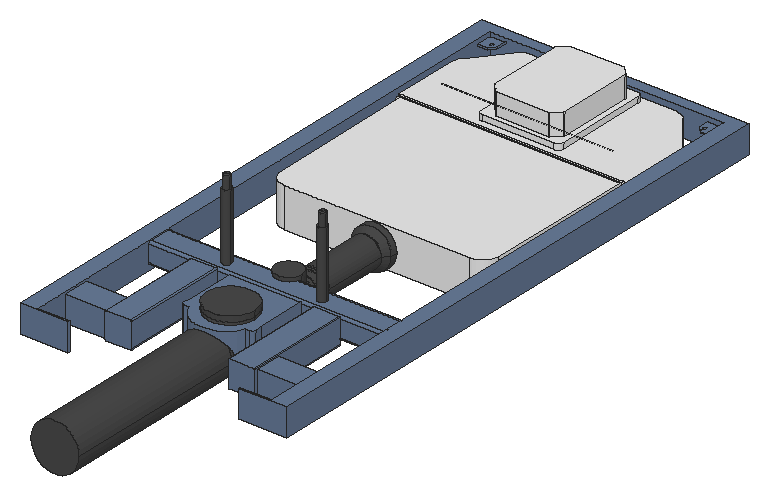
Revit family "Grohe_PlumbingFixture_UnisetElement_WC_39688000", category Plumbing Fixtures, host Face, Revit 2018
Family settings
  Host = Face
  Round Connector Dimension = Use Diameter
  Part Type = Normal
  OmniClass Number = 23.65.00.00
  OmniClass Title = Supply and Distribution of Liquids and Gases
  Cut with Voids When Loaded = No
  Shared = No
  Room Calculation Point = No
Parameters (values of type "39688000")
  _ObjectUserGuide = ""
  _DistributedBy = "www.bimstore.co"
  _CurrentRevision = 1
  _CreatedBy = "www.bimstore.co"
  _BimSpecGuid = 0
  _BSBibleVersion = 16
  _AuthorizedBy = "bimstore"
  _Author = "JY"
  WarrantyStartDate [instance] = "Please Record on Commissioning."
  WarrantyGuarantorParts = "info-uk@grohe.com"
  WarrantyGuarantorLabor = "info-uk@grohe.com"
  WarrantyDurationUnit = "Years"
  WarrantyDurationParts = "0"
  WarrantyDurationLabor = "0"
  WarrantyDescription = "n/a"
  URL = "https://www.grohe.us/Wall-Carrier-Flush-Valves/Slim-2-x-4-In-Wall-Carrier-and-Tank-For-Toilet/GROHE-NO-FINISH-39688000"
  TypeName = "39688000"
  Type Comments = "39688000"
  SpareParts = "n/a"
  Size = "n/a"
  Shape = "n/a"
  SerialNumber [instance] = "Please Record on Commissioning."
  ReplacementCost = "0"
  ReferencedStandard = "n/a"
  ProductionYear = "2021"
  NominalLength = 0 mm
  NominalHeight = 0 mm
  NominalDepth = 0 mm
  NBSReference = "45-35-70/383"
  NBSOfficeMasterTag = "n/a"
  NBSObjectName = "Grohe - WC cisterns"
  NBSNote = "n/a"
  NBSDescription = "WC cisterns"
  ModelReference = ""
  ModelNumber = "39688000"
  Model = ""
  Material = "n/a"
  ManufacturerName = "Grohe"
  Manufacturer = "Grohe"
  Keynote = "N13"
  InstallationDate [instance] = "Please Record on Commissioning."
  IfcExportType = "CISTERN"
  IfcExportAs = "IfcSanitaryTerminalType"
  Grade = "n/a"
  Finish = "n/a"
  Features = "n/a"
  ExpectedLife = 0
  DurationUnit = "Years"
  DocumentationTechnical = ""
  DocumentationMaintenance = ""
  DocumentationLiterature = ""
  DocumentationInstallationGuide = ""
  DocumentationCertificates = ""
  Description = "Slim tank fits standard 2” x 4” stud walls. Dual flush – 0.8gpf and 1.6gpf (3L and 6L). Low noise operation – meets strict European\r\nnoise (DIN) standards. No tools required for the installation of the\r\ninspection shaft including protection during\r\nconstruction phase, for vertical use. Self-supporting, pre-assembled powder coated steel frame with quick and lockable adjustments. ADA Compliant, bowl rim height adjustment from 15” to 19”. Pneumatic discharge valve offering 3 modes of operation: dual flush, start/stop or single flush. Tank insulated to prevent condensation. 2 fixing bolts included, 7- 9in (180-230mm) mounting screw distance ½” water supply connection from top, integrated angle valve. Actuation plate sold separately. TÜV approved for load capacity 44” (1.13m) installation height. CALGreen compliant. WaterSense® compliant when paired with listed WaterSense® high efficiency compatible"
  Default Elevation = 0 mm
  CreatedOn = "2021-03-15T:09:00:00"
  CreatedBy = "info-uk@grohe.com"
  Cost = 0
  Constituents = "n/a"
  Color = "n/a"
  CodePerformance = "n/a"
  ClassificationValue = "Pr_40_20_93_89"
  ClassificationName = "Uniclass2015"
  BarCode [instance] = "Please Record on Commissioning."
  BIMObjectName = "Grohe_PlumbingFixture_UnisetElement_WC_39688000"
  AssetType = "Fixed"
  AssetIdentifier [instance] = "n/a"
  Assembly Code = "C1030110"
  AccessibilityPerformance = "n/a"
Reference planes
  plane 1 "Center (Front/Back)": y = 0
  plane 2: z = 0
  plane 3 "Center (Left/Right)": x = 0
Forms (mm)
  Extrusion 1, solid, material "Aluminum"
    sketch origin (0, 0, 0) x (1, 0, 0) y (0, 1, 0)
      loop
        line (-250, 557.533) -> (-250, -527.467) -> (-160, -527.467) -> (-160, -524.467) -> (-220, -524.467) -> (-220, 537.529) -> (220, 537.529) -> (220, -524.467) -> (160, -524.467) -> (160, -527.467) -> (250, -527.467) -> (250, 557.533) -> (-250, 557.533)
    from 0 to 51.6
  Extrusion 2, solid, material "Aluminum"
    sketch origin (0, 0, 0) x (0, 1, 0) y (0, 0, 1)
      loop
        arc (-264.467, 14.6) -> (-263.149, 11.418) -> (-259.967, 10.1) r 4.5
        line (-259.967, 10.1) -> (-218.967, 10.1)
        arc (-218.967, 10.1) -> (-215.785, 11.418) -> (-214.467, 14.6) r 4.5
        line (-214.467, 14.6) -> (-214.467, 45.6)
        arc (-214.467, 45.6) -> (-215.785, 48.782) -> (-218.967, 50.1) r 4.5
        line (-218.967, 50.1) -> (-259.953, 50.1)
        arc (-259.953, 50.1) -> (-263.145, 48.778) -> (-264.467, 45.586) r 4.514
        line (-264.467, 45.586) -> (-264.467, 14.6)
    from -220 to 220
  Extrusion 3, solid, material "UHMW, White"
    sketch origin (0, 0, 0) x (1, 0, 0) y (0, 1, 0)
      loop
        line (-158.559, 518.798) -> (-207.784, 456.358)
        arc (-207.784, 456.358) -> (-211.771, 449.071) -> (-213.151, 440.88) r 25
        line (-213.151, 440.88) -> (-213.151, 316.433) -> (-207.21, 316.433) -> (-204.231, 27.915)
        arc (-204.231, 27.915) -> (-195.336, 6.902) -> (-174.232, -1.775) r 30
        line (-174.232, -1.775) -> (174.232, -1.775)
        arc (174.232, -1.775) -> (195.334, 6.901) -> (204.231, 27.91) r 30
        line (204.231, 27.91) -> (207.251, 316.33) -> (213.25, 316.33) -> (213.25, 438.6)
        arc (213.25, 438.6) -> (211.527, 448.827) -> (206.548, 457.925) r 31.215
        line (206.548, 457.925) -> (158.67, 518.657)
        arc (158.67, 518.657) -> (148.074, 527.18) -> (134.82, 530.225) r 30.37
        line (134.82, 530.225) -> (-68.806, 530.225)
        arc (-68.806, 530.225) -> (-70.433, 530.023) -> (-71.961, 529.43) r 6.657
        line (-71.961, 529.43) -> (-74.355, 528.141)
        arc (-74.355, 528.141) -> (-75.962, 527.518) -> (-77.672, 527.306) r 7
        line (-77.672, 527.306) -> (-122.304, 527.306)
        arc (-122.304, 527.306) -> (-123.482, 527.446) -> (-124.594, 527.861) r 5
        line (-124.594, 527.861) -> (-126.594, 528.892)
        arc (-126.594, 528.892) -> (-129.263, 529.887) -> (-132.091, 530.225) r 12
        line (-132.091, 530.225) -> (-135, 530.225)
        arc (-135, 530.225) -> (-148.092, 527.217) -> (-158.559, 518.798) r 30
    from -28.681 to 45.323
  Extrusion 4, solid, material "Aluminum"
    sketch origin (0, 0, 0) x (1, 0, 0) y (0, 1, 0)
      loop
        line (-190, 537.533) -> (-212, 537.533) -> (-220, 529.533) -> (-220, 507.533) -> (-200, 507.533) -> (-190, 517.533) -> (-190, 537.533)
      loop
        circle (-200, 517.493) r 3.2
    from 41.244 to 44.192
  Extrusion 5, solid, material "Aluminum"
    sketch origin (0, 0, 0) x (-1, 0, 0) y (0, -1, 0)
      loop
        line (-190, -537.533) -> (-190, -517.533) -> (-200, -507.533) -> (-220, -507.533) -> (-220, -529.533) -> (-212, -537.533) -> (-190, -537.533)
      loop
        circle (-200, -517.493) r 3.2
    from 41.21 to 44.105
  Extrusion 6, solid, material "UHMW, White"
    sketch origin (0, 0, 0) x (1, 0, 0) y (0, 0, 1)
      loop
        line (216.25, 0) -> (216.25, 34.25)
        arc (216.25, 34.25) -> (212.677, 42.877) -> (204.05, 46.45) r 12.2
        line (204.05, 46.45) -> (-204.227, 46.45)
        arc (-204.227, 46.45) -> (-212.87, 42.87) -> (-216.45, 34.227) r 12.223
        line (-216.45, 34.227) -> (-216.45, 0) -> (216.25, 0)
    from -316.433 to -311.451
  Revolve 7, solid, material "UHMW, Black"
    sketch origin (0, 0, 6.259) x (1, 0, 0) y (0, 1, 0)
      loop
        line (-25, -158.38) -> (-25, -172.479) -> (0, -172.479) -> (0, -3.775) -> (-38, -3.775) -> (-37.598, -15.904) -> (-28.035, -26.462)
        arc (-28.035, -26.462) -> (-27.196, -27.07) -> (-26.182, -27.284) r 2.5
        line (-26.182, -27.284) -> (-24.5, -27.284) -> (-24.5, -28.967) -> (-28.5, -28.967) -> (-28.5, -150.029)
        arc (-28.5, -150.029) -> (-28.277, -151.722) -> (-27.624, -153.299) r 6.54
        line (-27.624, -153.299) -> (-25.268, -157.38)
        arc (-25.268, -157.38) -> (-25.068, -157.862) -> (-25, -158.38) r 2
      axis (0, -3.775) -> (0, -172.479)
    angle from 0 to 360
  Sweep 8, solid, material "UHMW, Black"
    path origin (0, 0, 0) x (0, 1, 0) y (0, 0, 1)
      loop
        line (-209.303, 56.25) -> (-209.303, 33.384)
        arc (-209.303, 33.384) -> (-201.102, 13.585) -> (-181.303, 5.384) r 28
        line (-181.303, 5.384) -> (-158.38, 5.384)
    profile origin (0, -209.303, 44.817) x (1, 0, 0) y (0, 1, 0)
      loop
        circle (0, 0) r 25
  Extrusion 9, solid, material "Aluminum"
    sketch origin (0, 0, 0) x (1, 0, 0) y (0, 0, 1)
      loop
        arc (-92.75, 0.1) -> (-91.336, 0.686) -> (-90.75, 2.1) r 2
        line (-90.75, 2.1) -> (-90.75, 48.1)
        arc (-90.75, 48.1) -> (-91.336, 49.514) -> (-92.75, 50.1) r 2
        line (-92.75, 50.1) -> (-138.75, 50.1)
        arc (-138.75, 50.1) -> (-140.164, 49.514) -> (-140.75, 48.1) r 2
        line (-140.75, 48.1) -> (-140.75, 2.1)
        arc (-140.75, 2.1) -> (-140.164, 0.686) -> (-138.75, 0.1) r 2
        line (-138.75, 0.1) -> (-92.75, 0.1)
    from 264.467 to 464.532
  Extrusion 10, solid, material "Aluminum"
    sketch origin (0, 0, 0) x (-1, 0, 0) y (0, 0, -1)
      loop
        line (-92.75, -0.1) -> (-138.75, -0.1)
        arc (-138.75, -0.1) -> (-140.164, -0.686) -> (-140.75, -2.1) r 2
        line (-140.75, -2.1) -> (-140.75, -48.1)
        arc (-140.75, -48.1) -> (-140.164, -49.514) -> (-138.75, -50.1) r 2
        line (-138.75, -50.1) -> (-92.75, -50.1)
        arc (-92.75, -50.1) -> (-91.336, -49.514) -> (-90.75, -48.1) r 2
        line (-90.75, -48.1) -> (-90.75, -2.1)
        arc (-90.75, -2.1) -> (-91.336, -0.686) -> (-92.75, -0.1) r 2
    from 264.467 to 464.532
  Extrusion 11, solid, material "Aluminum"
    sketch origin (0, 0, 0) x (1, 0, 0) y (0, 1, 0)
      loop
        line (-220, -411.467) -> (-220, -461.467) -> (-140.75, -461.467) -> (-140.75, -411.467) -> (-220, -411.467)
    from 0 to 48.28
  Extrusion 12, solid, material "Aluminum"
    sketch origin (0, 0, 0) x (-1, 0, 0) y (0, -1, 0)
      loop
        line (-220, 411.467) -> (-140.75, 411.467) -> (-140.75, 461.467) -> (-220, 461.467) -> (-220, 411.467)
    from 0 to 48.28
  Extrusion 13, solid, material "UHMW, White"
    sketch origin (0, 0, 0) x (1, 0, 0) y (0, 1, 0)
      loop
        arc (-77.683, 339.935) -> (-74.754, 332.864) -> (-67.683, 329.935) r 10
        line (-67.683, 329.935) -> (67.058, 329.935)
        arc (67.058, 329.935) -> (74.129, 332.864) -> (77.058, 339.935) r 10
        line (77.058, 339.935) -> (77.058, 515.114)
        arc (77.058, 515.114) -> (74.129, 522.185) -> (67.058, 525.114) r 10
        line (67.058, 525.114) -> (-67.683, 525.114)
        arc (-67.683, 525.114) -> (-74.754, 522.185) -> (-77.683, 515.114) r 10
        line (-77.683, 515.114) -> (-77.683, 339.935)
    from 45.323 to 55.432
  Extrusion 14, solid, material "UHMW, White"
    sketch origin (0, 0, 0) x (1, 0, 0) y (0, 1, 0)
      loop
        line (-49.313, 340.088) -> (49.313, 340.088)
        arc (49.313, 340.088) -> (50.125, 340.223) -> (50.814, 340.672) r 2
        line (50.814, 340.672) -> (65.645, 355.503)
        arc (65.645, 355.503) -> (66.079, 356.152) -> (66.231, 356.918) r 2
        line (66.231, 356.918) -> (66.231, 497.925)
        arc (66.231, 497.925) -> (66.079, 498.69) -> (65.645, 499.339) r 2
        line (65.645, 499.339) -> (50.814, 514.17)
        arc (50.814, 514.17) -> (50.165, 514.603) -> (49.4, 514.756) r 2
        line (49.4, 514.756) -> (-49.4, 514.756)
        arc (-49.4, 514.756) -> (-50.165, 514.603) -> (-50.814, 514.17) r 2
        line (-50.814, 514.17) -> (-65.645, 499.339)
        arc (-65.645, 499.339) -> (-66.079, 498.69) -> (-66.231, 497.925) r 2
        line (-66.231, 497.925) -> (-66.231, 356.918)
        arc (-66.231, 356.918) -> (-66.079, 356.152) -> (-65.645, 355.503) r 2
        line (-65.645, 355.503) -> (-50.814, 340.672)
        arc (-50.814, 340.672) -> (-50.125, 340.223) -> (-49.313, 340.088) r 2
    from 55.432 to 96.03
  Revolve 15, solid, material "UHMW, Black"
    sketch origin (0, -242.438, 0) x (1, 0, 0) y (0, 0, 1)
      loop
        line (-90, 201.6) -> (-93.972, 201.6) -> (-96, 199.6) -> (-96, 176.6) -> (-98.138, 176.6) -> (-98.138, 51.6) -> (-90, 51.6) -> (-90, 201.6)
      axis (-90, 201.6) -> (-90, 51.6)
    angle from 0 to 360
  Revolve 16, solid, material "UHMW, Black"
    sketch origin (0, -242.438, 0) x (-1, 0, 0) y (0, 0, -1)
      loop
        line (-90, -201.6) -> (-90, -51.6) -> (-98.138, -51.6) -> (-98.138, -176.6) -> (-96, -176.6) -> (-96, -199.6) -> (-93.972, -201.6) -> (-90, -201.6)
      axis (-90, -201.6) -> (-90, -51.6)
    angle from 0 to 360
  Sweep 17, solid, material "UHMW, Black"
    path origin (0, 0, -2.5) x (0, 1, 0) y (0, 0, 1)
      loop
        line (-345.277, 65.016) -> (-345.277, 55)
        arc (-345.277, 55) -> (-361.386, 16.109) -> (-400.277, 0) r 55
        line (-400.277, 0) -> (-757.967, 0)
    profile origin (0, -345.277, 57.508) x (1, 0, 0) y (0, 1, 0)
      loop
        circle (0, 0) r 45
  Extrusion 18, solid, material "Aluminum"
    sketch origin (0, 0, 0) x (1, 0, 0) y (0, 1, 0)
      loop
        line (-66.5, -357.513) -> (-68.186, -371.03)
        arc (-68.186, -371.03) -> (-66.608, -376.136) -> (-61.736, -378.334) r 6.5
        line (-61.736, -378.334) -> (-52.7, -378.334)
        arc (-52.7, -378.334) -> (0, -413.17) -> (52.7, -378.334) r 57.28
        line (52.7, -378.334) -> (61.736, -378.334)
        arc (61.736, -378.334) -> (66.608, -376.136) -> (68.186, -371.03) r 6.5
        line (68.186, -371.03) -> (66.5, -357.513) -> (66.5, -263.918) -> (-66.5, -263.918) -> (-66.5, -357.513)
    from 0 to 48.28
  Revolve 19, solid, material "UHMW, White"
    sketch origin (0, 0, 20) x (1, 0, 0) y (0, 1, 0)
      loop
        line (-217.497, 427.533) -> (217.482, 427.533) -> (217.482, 435.033) -> (-217.497, 435.033) -> (-217.497, 427.533)
      axis (-217.497, 427.533) -> (217.482, 427.533)
    angle from 0 to 360
Dimensions and locks
  aligned and locked: plane 2 to host face
  aligned and locked: level to host face
Connectors
  piping at (217.482, 427.533, 20), diameter 15
    settings: on Revolve 19, index 1, connector inside diameter 609.6 mm, connector length 0 mm, flow factor 0, pipe flow 0.0 L/s, pressure drop 0.0 Pa, fitting loss kfactor 0, connector angle 0.00°, fixture units 0, engagement length 0 mm, angle of deflection 0.00°, flow configuration 3, flow direction 1, fitting loss method 0, system type 20, joint type 0, gender type 0, connector reference index -1, connector utility 0, adjustable connector no, is connector primary yes, connector description "Cold Water Inlet"
  piping at (-217.497, 427.533, 20), diameter 15
    settings: on Revolve 19, index 2, connector inside diameter 609.6 mm, connector length 0 mm, flow factor 0, pipe flow 0.0 L/s, pressure drop 0.0 Pa, fitting loss kfactor 0, connector angle 0.00°, fixture units 0, engagement length 0 mm, angle of deflection 0.00°, flow configuration 3, flow direction 1, fitting loss method 0, system type 20, joint type 0, gender type 0, connector reference index -1, connector utility 0, adjustable connector no, is connector primary no, connector description "Cold Water Inlet"
  piping at (0, -209.303, 56.25), diameter 50
    settings: on Sweep 8, index 3, connector inside diameter 609.6 mm, connector length 0 mm, flow factor 0, pipe flow 0.0 L/s, pressure drop 0.0 Pa, fitting loss kfactor 0, connector angle 0.00°, fixture units 0, engagement length 0 mm, angle of deflection 0.00°, flow configuration 3, flow direction 2, fitting loss method 0, system type 20, joint type 0, gender type 0, connector reference index -1, connector utility 0, adjustable connector no, is connector primary no, connector description "Cold Water Outlet"
  piping at (0, -345.277, 62.516), diameter 50
    settings: on Sweep 17, index 4, connector inside diameter 609.6 mm, connector length 0 mm, flow factor 0, pipe flow 0.0 L/s, pressure drop 0.0 Pa, fitting loss kfactor 0, connector angle 0.00°, fixture units 0, engagement length 0 mm, angle of deflection 0.00°, flow configuration 2, flow direction 1, fitting loss method 0, system type 16, joint type 0, gender type 0, connector reference index -1, connector utility 0, adjustable connector no, is connector primary no, connector description "Waste Inlet"
  piping at (0, -757.967, -2.5), diameter 50
    settings: on Sweep 17, index 5, connector inside diameter 609.6 mm, connector length 0 mm, flow factor 0, pipe flow 0.0 L/s, pressure drop 0.0 Pa, fitting loss kfactor 0, connector angle 0.00°, fixture units 0, engagement length 0 mm, angle of deflection 0.00°, flow configuration 2, flow direction 2, fitting loss method 0, system type 16, joint type 0, gender type 0, connector reference index -1, connector utility 0, adjustable connector no, is connector primary no, connector description "Waste Outlet"
